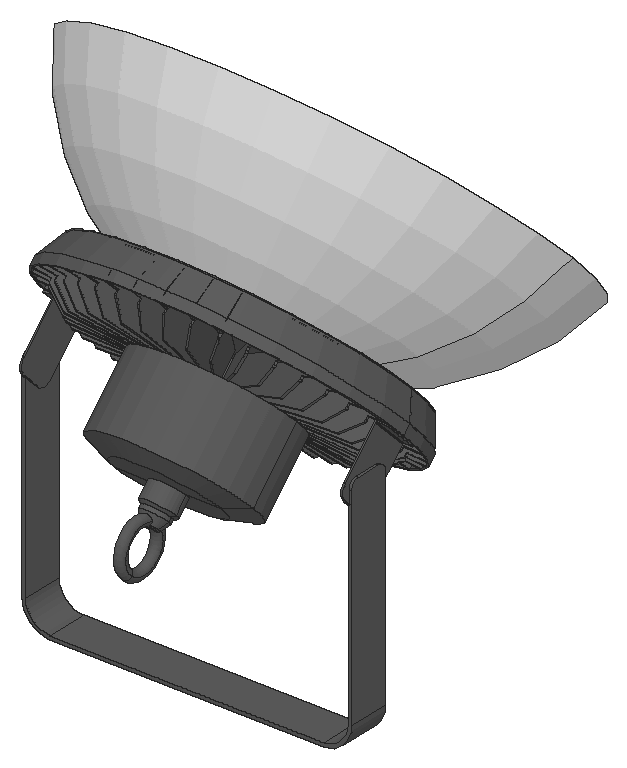
Revit family "0039351+0039354+0039356 Feilo Sylvania Lighting Fixture START HIGHBAY 6K 19KLM WIDE with BRACKET and ALU SHADE ALU COLOR", category Lighting Fixtures, host Face, Revit 2017 (continued)
Definition of nested family "Start LED Highbay Head"
  Dimensions and locks
    "RHHeight4_FEILO": plane 33 to plane 34
    "RHRadius3_FEILO": plane 3 "Center (Left/Right)" to plane 35
    "RHHeight1_FEILO": plane 28 to plane 30
    "EyeInner_FEILO": plane 34 to plane 36
    "EyeInner_FEILO": plane 36 to plane 37
    equal spacing: plane 38, plane 3 "Center (Left/Right)", plane 39
    "EyeThickness_FEILO": plane 38 to plane 39
    "EyeThickness_FEILO": plane 37 to plane 40
    equal spacing: plane 37, plane 41, plane 40
    equal spacing: plane 6, plane 42, plane 18
    "ThicknessBracket_FEILO": plane 45 to plane 6
    "ThicknessBracket_FEILO": plane 8 to plane 44
    locked: plane 43 to plane 18 at 1
    equal spacing: plane 24, plane 46, plane 26
    equal spacing: plane 47, plane 1 "Center (Front/Back)", plane 48
    "WidthBracket_FEILO": plane 47 to plane 48
    "WidthRingChamfer_FEILO": plane 50 to plane 49
    "ThicknessWall_FEILO": plane 51 to plane 49
    equal spacing: plane 50, plane 52, plane 51
    "ThicknessBracket_FEILO": plane 54 to plane 50
    locked: plane 53 to plane 51 at 1
    "Radius_FEILO": plane 49 to plane 3 "Center (Left/Right)"
    "ShadeRadiusOut_FEILO": plane 3 "Center (Left/Right)" to plane 55
    "ShadeHeight_FEILO": plane 56 to plane 4
    "ShadeRadiusIn_FEILO": plane 3 "Center (Left/Right)" to plane 57
    locked: plane 58 to plane 57 at 8
    "ShadeThickness_FEILO": plane 60 to plane 4
    "ShadeThickness_FEILO": plane 59 to plane 55
    "EyeThicknessHalf_FEILO": radius of curve 8
    "ThicknessBracket_FEILO": radius of Extrusion 7 sketch curve  (x2)
    "ThicknessBracketHalf_FEILO": radius of Extrusion 7 sketch curve  (x2)
    "ShadeRadiusBend_FEILO": radius of curve 9
    aligned and locked: plane 2 to Extrusion 1
    aligned and locked: level to Extrusion 1
    aligned and locked: plane 5 to curve 1
    aligned and locked: plane 6 to curve 1
    aligned and locked: plane 7 to curve 1
    aligned and locked: plane 10 to curve 2
    aligned and locked: plane 9 to curve 3
    aligned and locked: plane 4 to curve 3
    aligned and locked: plane 11 to curve 3
    aligned and locked: plane 4 to curve 4
    aligned and locked: plane 18 to curve 5
    aligned and locked: plane 10 to curve 5
    aligned and locked: Revolve 2 sketch curve to plane 3 "Center (Left/Right)"
    aligned and locked: Revolve 2 sketch curve to curve 3
    aligned and locked: Revolve 2 sketch curve to curve 1
    aligned and locked: plane 4 to Revolve 2 sketch curve
    aligned and locked: plane 9 to Revolve 2 sketch curve
    aligned and locked: Revolve 2 sketch curve to plane 13
    aligned and locked: Revolve 2 sketch curve to plane 10
    aligned and locked: plane 13 to Revolve 2 sketch curve
    aligned and locked: plane 10 to Revolve 2 sketch curve
    aligned and locked: Revolve 2 sketch curve to plane 18
    aligned and locked: Revolve 2 sketch curve to plane 8
    aligned and locked: plane 5 to Revolve 2 sketch curve  (x2)
    aligned and locked: Revolve 3 sketch curve to plane 3 "Center (Left/Right)"
    aligned and locked: plane 11 to Revolve 3 sketch curve
    aligned and locked: Revolve 3 sketch curve to curve 2
    aligned and locked: plane 15 to Revolve 3 sketch curve
    aligned and locked: Revolve 3 sketch curve to plane 16
    aligned and locked: plane 17 to Revolve 3 sketch curve  (x2)
    aligned and locked: Revolve 3 sketch curve to plane 12
    aligned and locked: plane 7 to Revolve 3 sketch curve
    aligned and locked: Revolve 4 sketch curve to plane 3 "Center (Left/Right)"
    aligned and locked: Revolve 4 sketch curve to plane 14
    aligned and locked: plane 3 "Center (Left/Right)" to Revolve 4 sketch curve
    aligned and locked: Revolve 4 sketch curve to plane 12
    aligned and locked: plane 15 to Revolve 4 sketch curve
    aligned and locked: Revolve 2 sketch curve to curve 5
    aligned and locked: plane 22 to curve 6
    aligned and locked: plane 21 to curve 6
    aligned and locked: plane 20 to curve 6
    aligned and locked: plane 19 to curve 6
    aligned and locked: plane 33 to curve 7
    aligned and locked: plane 32 to curve 7
    aligned and locked: plane 35 to curve 7
    aligned and locked: plane 34 to curve 7
    aligned and locked: Revolve 5 sketch curve to plane 3 "Center (Left/Right)"
    aligned and locked: Revolve 5 sketch curve to plane 25
    aligned and locked: plane 27 to Revolve 5 sketch curve
    aligned and locked: plane 28 to Revolve 5 sketch curve
    aligned and locked: plane 30 to Revolve 5 sketch curve
    aligned and locked: Revolve 5 sketch curve to plane 29
    aligned and locked: plane 31 to Revolve 5 sketch curve
    aligned and locked: Revolve 5 sketch curve to curve 7
    aligned and locked: Revolve 5 sketch curve to plane 32
    aligned and locked: plane 34 to Revolve 5 sketch curve
    aligned and locked: plane 3 "Center (Left/Right)" to Revolve 5 sketch curve
    aligned and locked: plane 3 "Center (Left/Right)" to curve 8
    aligned and locked: plane 41 to curve 8
    aligned and locked: Revolve 6 sketch curve to plane 36
    aligned and locked: Revolve 6 sketch curve to curve 8
    aligned and locked: plane 43 to Extrusion 7 sketch curve  (x2)
    aligned and locked: plane 8 to Extrusion 7 sketch curve  (x3)
    aligned and locked: Extrusion 7 sketch curve to plane 45
    aligned and locked: Extrusion 7 sketch curve to plane 46  (x2)
    aligned and locked: plane 6 to Extrusion 7 sketch curve
    aligned and locked: Extrusion 7 sketch curve to plane 44  (x2)
    aligned and locked: Extrusion 7 to plane 48
    aligned and locked: plane 47 to Extrusion 7
    aligned and locked: plane 53 to Extrusion 7 sketch curve
    aligned and locked: plane 50 to Extrusion 7 sketch curve
    aligned and locked: Extrusion 7 sketch curve to plane 54
    aligned and locked: Extrusion 8 sketch curve to Extrusion 8 sketch curve
    aligned and locked: Extrusion 8 to plane 6
    aligned and locked: Extrusion 8 to Extrusion 7
    aligned and locked: Revolve 5 sketch curve to plane 22
    aligned and locked: plane 23 to nested 1
    aligned and locked: plane 1 "Center (Front/Back)" to nested 1
    aligned and locked: Revolve 9 sketch curve to plane 3 "Center (Left/Right)"
    aligned and locked: Revolve 9 sketch curve to plane 4
    aligned and locked: plane 6 to Revolve 9 sketch curve
    aligned and locked: plane 4 to Revolve 9 sketch curve
    aligned and locked: plane 7 to Revolve 9 sketch curve
    aligned and locked: Revolve 9 sketch curve to plane 5
    aligned and locked: plane 8 to Revolve 9 sketch curve  (x2)
    aligned and locked: Revolve 9 sketch curve to plane 19
    aligned and locked: plane 20 to Revolve 9 sketch curve
    aligned and locked: plane 19 to Revolve 9 sketch curve
    aligned and locked: plane 21 to Revolve 9 sketch curve
    aligned and locked: plane 22 to Revolve 9 sketch curve  (x2)
    aligned and locked: Revolve 9 sketch curve to Revolve 9 sketch curve
    aligned and locked: imposter light to plane 4
    aligned and locked: plane 3 "Center (Left/Right)" to imposter light
    aligned and locked: imposter light to plane 1 "Center (Front/Back)"
    aligned and locked: plane 55 to curve 9
    aligned and locked: plane 56 to curve 9
    aligned and locked: plane 57 to curve 9
    aligned and locked: plane 4 to curve 9
    aligned and locked: Revolve 10 sketch curve to curve 9
    aligned and locked: plane 58 to Revolve 10 sketch curve
    aligned and locked: plane 57 to Revolve 10 sketch curve
    aligned and locked: plane 56 to Revolve 10 sketch curve  (x2)
    aligned and locked: Revolve 10 sketch curve to plane 58
    aligned and locked: plane 60 to Revolve 10 sketch curve
  Automatic sketch dimensions
    Extrusion 1 sketch curve to Extrusion 1 sketch curve = 2438.4 mm  (x2)
    Revolve 2 sketch curve to plane 6 = 0.299 mm
    plane 6 to Revolve 2 sketch curve = 0.459 mm
    Revolve 2 sketch curve to level = 609.6 mm
    Revolve 2 sketch curve to Revolve 2 sketch curve = 2312.223 mm
    Revolve 3 sketch curve to plane 12 = 0 mm
    Revolve 3 sketch curve to plane 3 "Center (Left/Right)" = 0 mm
    Revolve 3 sketch curve to level = 609.6 mm
    Revolve 3 sketch curve to plane 4 = 2339.058 mm
    Revolve 4 sketch curve to level = 609.6 mm
    Revolve 4 sketch curve to plane 4 = 2339.058 mm
    Revolve 6 sketch curve to plane 5 = 1080 mm
    plane 38 to Revolve 6 sketch curve = 1219.2 mm
    Extrusion 8 sketch curve to plane 47 = 0 mm
    plane 46 to Extrusion 8 sketch curve = 0 mm  (x2)
    Extrusion 8 sketch curve to plane 48 = 0 mm
    plane 47 to Extrusion 8 sketch curve = 5 mm
    plane 1 "Center (Front/Back)" to Extrusion 8 sketch curve = 10 mm
    Extrusion 8 sketch curve to Extrusion 8 sketch curve = 10 mm
    plane 46 to Extrusion 8 sketch curve = 5 mm
    Extrusion 8 sketch curve to Extrusion 8 sketch curve = 5 mm
    Extrusion 8 sketch curve to plane 48 = 5 mm
    Revolve 5 sketch curve to plane 26 = 0 mm
    Revolve 5 sketch curve to plane 35 = 0.437 mm
    plane 35 to Revolve 5 sketch curve = 0.847 mm
    Revolve 5 sketch curve to plane 34 = 0.726 mm
    plane 40 to Revolve 5 sketch curve = 590.2 mm
    Revolve 5 sketch curve to plane 4 = 2339.058 mm
    Revolve 9 sketch curve to level = 609.6 mm
    Revolve 9 sketch curve to Revolve 9 sketch curve = 2386.058 mm
    curve 2 to plane 3 "Center (Left/Right)" = 0 mm
    Revolve 10 sketch curve to Revolve 10 sketch curve = 0 mm  (x2)
    Revolve 10 sketch curve to plane 3 "Center (Left/Right)" = 0 mm
    plane 57 to Revolve 10 sketch curve = 0.659 mm
    Revolve 10 sketch curve to level = 609.6 mm
    Revolve 10 sketch curve to Revolve 10 sketch curve = 2068.248 mm
  Nested families
    nested 1: "Start Highbay Rib" at (0, 0, 67.775), type "Type Name", detail levels medium+fine
      with SuspensionHeight_FEILO 2.6 mm
    nested 2: "Start Highbay Rib" at (0, 0, 67.775) x (0.9877, 0.1564, 0) z (0, 0, 1), type "Type Name", detail levels medium+fine
      with SuspensionHeight_FEILO 2.6 mm
    nested 3: "Start Highbay Rib" at (0, 0, 67.775) x (0.9511, 0.309, 0) z (0, 0, 1), type "Type Name", detail levels medium+fine
      with SuspensionHeight_FEILO 2.6 mm
    nested 4: "Start Highbay Rib" at (0, 0, 67.775) x (0.891, 0.454, 0) z (0, 0, 1), type "Type Name", detail levels medium+fine
      with SuspensionHeight_FEILO 2.6 mm
    nested 5: "Start Highbay Rib" at (0, 0, 67.775) x (0.809, 0.5878, 0) z (0, 0, 1), type "Type Name", detail levels medium+fine
      with SuspensionHeight_FEILO 2.6 mm
    nested 6: "Start Highbay Rib" at (0, 0, 67.775) x (0.7071, 0.7071, 0) z (0, 0, 1), type "Type Name", detail levels medium+fine
      with SuspensionHeight_FEILO 2.6 mm
    nested 7: "Start Highbay Rib" at (0, 0, 67.775) x (0.5878, 0.809, 0) z (0, 0, 1), type "Type Name", detail levels medium+fine
      with SuspensionHeight_FEILO 2.6 mm
    nested 8: "Start Highbay Rib" at (0, 0, 67.775) x (0.454, 0.891, 0) z (0, 0, 1), type "Type Name", detail levels medium+fine
      with SuspensionHeight_FEILO 2.6 mm
    nested 9: "Start Highbay Rib" at (0, 0, 67.775) x (0.309, 0.9511, 0) z (0, 0, 1), type "Type Name", detail levels medium+fine
      with SuspensionHeight_FEILO 2.6 mm
    nested 10: "Start Highbay Rib" at (0, 0, 67.775) x (0.1564, 0.9877, 0) z (0, 0, 1), type "Type Name", detail levels medium+fine
      with SuspensionHeight_FEILO 2.6 mm
    nested 11: "Start Highbay Rib" at (0, 0, 67.775) x (0, 1, 0) z (0, 0, 1), type "Type Name", detail levels medium+fine
      with SuspensionHeight_FEILO 2.6 mm
    nested 12: "Start Highbay Rib" at (0, 0, 67.775) x (-0.1564, 0.9877, 0) z (0, 0, 1), type "Type Name", detail levels medium+fine
      with SuspensionHeight_FEILO 2.6 mm
    nested 13: "Start Highbay Rib" at (0, 0, 67.775) x (-0.309, 0.9511, 0) z (0, 0, 1), type "Type Name", detail levels medium+fine
      with SuspensionHeight_FEILO 2.6 mm
    nested 14: "Start Highbay Rib" at (0, 0, 67.775) x (-0.454, 0.891, 0) z (0, 0, 1), type "Type Name", detail levels medium+fine
      with SuspensionHeight_FEILO 2.6 mm
    nested 15: "Start Highbay Rib" at (0, 0, 67.775) x (-0.5878, 0.809, 0) z (0, 0, 1), type "Type Name", detail levels medium+fine
      with SuspensionHeight_FEILO 2.6 mm
    nested 16: "Start Highbay Rib" at (0, 0, 67.775) x (-0.7071, 0.7071, 0) z (0, 0, 1), type "Type Name", detail levels medium+fine
      with SuspensionHeight_FEILO 2.6 mm
    nested 17: "Start Highbay Rib" at (0, 0, 67.775) x (-0.809, 0.5878, 0) z (0, 0, 1), type "Type Name", detail levels medium+fine
      with SuspensionHeight_FEILO 2.6 mm
    nested 18: "Start Highbay Rib" at (0, 0, 67.775) x (-0.891, 0.454, 0) z (0, 0, 1), type "Type Name", detail levels medium+fine
      with SuspensionHeight_FEILO 2.6 mm
    nested 19: "Start Highbay Rib" at (0, 0, 67.775) x (-0.9511, 0.309, 0) z (0, 0, 1), type "Type Name", detail levels medium+fine
      with SuspensionHeight_FEILO 2.6 mm
    nested 20: "Start Highbay Rib" at (0, 0, 67.775) x (-0.9877, 0.1564, 0) z (0, 0, 1), type "Type Name", detail levels medium+fine
      with SuspensionHeight_FEILO 2.6 mm
    nested 21: "Start Highbay Rib" at (0, 0, 67.775) x (-1, 0, 0) z (0, 0, 1), type "Type Name", detail levels medium+fine
      with SuspensionHeight_FEILO 2.6 mm
    nested 22: "Start Highbay Rib" at (0, 0, 67.775) x (-0.9877, -0.1564, 0) z (0, 0, 1), type "Type Name", detail levels medium+fine
      with SuspensionHeight_FEILO 2.6 mm
    nested 23: "Start Highbay Rib" at (0, 0, 67.775) x (-0.9511, -0.309, 0) z (0, 0, 1), type "Type Name", detail levels medium+fine
      with SuspensionHeight_FEILO 2.6 mm
    nested 24: "Start Highbay Rib" at (0, 0, 67.775) x (-0.891, -0.454, 0) z (0, 0, 1), type "Type Name", detail levels medium+fine
      with SuspensionHeight_FEILO 2.6 mm
    nested 25: "Start Highbay Rib" at (0, 0, 67.775) x (-0.809, -0.5878, 0) z (0, 0, 1), type "Type Name", detail levels medium+fine
      with SuspensionHeight_FEILO 2.6 mm
    nested 26: "Start Highbay Rib" at (0, 0, 67.775) x (-0.7071, -0.7071, 0) z (0, 0, 1), type "Type Name", detail levels medium+fine
      with SuspensionHeight_FEILO 2.6 mm
    nested 27: "Start Highbay Rib" at (0, 0, 67.775) x (-0.5878, -0.809, 0) z (0, 0, 1), type "Type Name", detail levels medium+fine
      with SuspensionHeight_FEILO 2.6 mm
    nested 28: "Start Highbay Rib" at (0, 0, 67.775) x (-0.454, -0.891, 0) z (0, 0, 1), type "Type Name", detail levels medium+fine
      with SuspensionHeight_FEILO 2.6 mm
    nested 29: "Start Highbay Rib" at (0, 0, 67.775) x (-0.309, -0.9511, 0) z (0, 0, 1), type "Type Name", detail levels medium+fine
      with SuspensionHeight_FEILO 2.6 mm
    nested 30: "Start Highbay Rib" at (0, 0, 67.775) x (-0.1564, -0.9877, 0) z (0, 0, 1), type "Type Name", detail levels medium+fine
      with SuspensionHeight_FEILO 2.6 mm
    nested 31: "Start Highbay Rib" at (0, 0, 67.775) x (0, -1, 0) z (0, 0, 1), type "Type Name", detail levels medium+fine
      with SuspensionHeight_FEILO 2.6 mm
    nested 32: "Start Highbay Rib" at (0, 0, 67.775) x (0.1564, -0.9877, 0) z (0, 0, 1), type "Type Name", detail levels medium+fine
      with SuspensionHeight_FEILO 2.6 mm
    nested 33: "Start Highbay Rib" at (0, 0, 67.775) x (0.309, -0.9511, 0) z (0, 0, 1), type "Type Name", detail levels medium+fine
      with SuspensionHeight_FEILO 2.6 mm
    nested 34: "Start Highbay Rib" at (0, 0, 67.775) x (0.454, -0.891, 0) z (0, 0, 1), type "Type Name", detail levels medium+fine
      with SuspensionHeight_FEILO 2.6 mm
    nested 35: "Start Highbay Rib" at (0, 0, 67.775) x (0.5878, -0.809, 0) z (0, 0, 1), type "Type Name", detail levels medium+fine
      with SuspensionHeight_FEILO 2.6 mm
    nested 36: "Start Highbay Rib" at (0, 0, 67.775) x (0.7071, -0.7071, 0) z (0, 0, 1), type "Type Name", detail levels medium+fine
      with SuspensionHeight_FEILO 2.6 mm
    nested 37: "Start Highbay Rib" at (0, 0, 67.775) x (0.809, -0.5878, 0) z (0, 0, 1), type "Type Name", detail levels medium+fine
      with SuspensionHeight_FEILO 2.6 mm
    nested 38: "Start Highbay Rib" at (0, 0, 67.775) x (0.891, -0.454, 0) z (0, 0, 1), type "Type Name", detail levels medium+fine
      with SuspensionHeight_FEILO 2.6 mm
    nested 39: "Start Highbay Rib" at (0, 0, 67.775) x (0.9511, -0.309, 0) z (0, 0, 1), type "Type Name", detail levels medium+fine
      with SuspensionHeight_FEILO 2.6 mm
    nested 40: "Start Highbay Rib" at (0, 0, 67.775) x (0.9877, -0.1564, 0) z (0, 0, 1), type "Type Name", detail levels medium+fine
      with SuspensionHeight_FEILO 2.6 mm
  Definition of nested family "Start Highbay Rib"
    Parameters (values of type "Type Name")
      WidthStraight_FEILO = if(SizeS_FEILO, 3 mm, if(SizeM_FEILO, 4 mm, 4.7 mm))  # 3 mm
      WidthRingChamfer_FEILO = if(SizeS_FEILO, 10.3 mm, if(SizeM_FEILO, 11.2 mm, 12.9 mm))  # 10.3 mm
      WidthCurved_FEILO = if(SizeS_FEILO, 17.4 mm, if(SizeM_FEILO, 16.4 mm, 26.2 mm))  # 17.4 mm
      WidthCurvedRing_FEILO = if(SizeS_FEILO, 3 mm, if(SizeM_FEILO, 4 mm, 4.7 mm))  # 3 mm
      WidthBracket_FEILO = 40 mm
      URL = "http://www.feilosylvania.com"
      Type Image = (empty or 0)
      Type Comments = "n/a"
      ThicknessWall_FEILO = 1.5 mm
      ThicknessBracket_FEILO = 1.5 mm
      ThicknessBracketHalf_FEILO = ThicknessBracket_FEILO / 2  # 0.75 mm
      SuspensionHeight_FEILO [instance] = 2.6 mm
      SizeS_FEILO = yes
      SizeM_FEILO = no
      Rib4_FEILO = if(SizeS_FEILO, 18.1 mm, if(SizeM_FEILO, 13.6 mm, 14.6 mm))  # 18.1 mm
      Rib3_FEILO = if(SizeS_FEILO, 15.3 mm, if(SizeM_FEILO, 17.6 mm, 20.2 mm))  # 15.3 mm
      Rib2_FEILO = if(SizeS_FEILO, 3.6 mm, if(SizeM_FEILO, 3.9 mm, 4.5 mm))  # 3.6 mm
      Rib1_FEILO = if(SizeS_FEILO, 15.1 mm, if(SizeM_FEILO, 16.5 mm, 19 mm))  # 15.1 mm
      RadiusRib_FEILO = 2 mm
      RadiusDiffuser_FEILO = if(SizeS_FEILO, 95.2 mm, if(SizeM_FEILO, 105.3 mm, 120 mm))  # 95.2 mm
      RHRadius3_FEILO = if(SizeS_FEILO, 6.6 mm, if(SizeM_FEILO, 7.4 mm, 8.6 mm))  # 6.6 mm
      RHRadius2_FEILO = if(SizeS_FEILO, 11 mm, if(SizeM_FEILO, 12 mm, 14 mm))  # 11 mm
      RHRadius1_FEILO = if(SizeS_FEILO, 13.6 mm, if(SizeM_FEILO, 14.9 mm, 17.7 mm))  # 13.6 mm
      RHHeight4_FEILO = if(SizeS_FEILO, 7.3 mm, if(SizeM_FEILO, 8 mm, 9.2 mm))  # 7.3 mm
      RHHeight3_FEILO = if(SizeS_FEILO, 3.6 mm, if(SizeM_FEILO, 3.7 mm, 4.6 mm))  # 3.6 mm
      RHHeight2_FEILO = if(SizeS_FEILO, 2 mm, if(SizeM_FEILO, 2.2 mm, 2.6 mm))  # 2 mm
      RHHeight1_FEILO = if(SizeS_FEILO, 11.8 mm, if(SizeM_FEILO, 15.3 mm, 17.4 mm))  # 11.8 mm
      Material_3_FEILO = none
      Model = ""
      Manufacturer = "Feilo Sylvania"
      Keynote = "16500"
      HeightRing_FEILO = if(SizeS_FEILO, 19.8 mm, if(SizeM_FEILO, 32 mm, 36.8 mm))  # 19.8 mm
      HeightRingChamfer_FEILO = if(SizeS_FEILO, 11.7 mm, if(SizeM_FEILO, 23.2 mm, 26.6 mm))  # 11.7 mm
      EyeThickness_FEILO = if(SizeS_FEILO, 8.4 mm, if(SizeM_FEILO, 9.2 mm, 10.5 mm))  # 8.4 mm
      EyeThicknessHalf_FEILO = EyeThickness_FEILO / 2  # 4.2 mm
      EyeInner_FEILO = if(SizeS_FEILO, 13.8 mm, if(SizeM_FEILO, 15.1 mm, 17.3 mm))  # 13.8 mm
      DriverVerticalStraight_FEILO = if(SizeS_FEILO, 46.5 mm, if(SizeM_FEILO, 49.7 mm, 57 mm))  # 46.5 mm
      DriverVerticalChamfer_FEILO = if(SizeS_FEILO, 7.5 mm, if(SizeM_FEILO, 8.2 mm, 9.5 mm))  # 7.5 mm
      DriverRadius_FEILO = if(SizeS_FEILO, 61.4 mm, if(SizeM_FEILO, 67.2 mm, 76.4 mm))  # 61.4 mm
      DriverRadiusTop_FEILO = if(SizeS_FEILO, 42 mm, if(SizeM_FEILO, 45.3 mm, 52.4 mm))  # 42 mm
      DriverBottom_FEILO = if(SizeS_FEILO, 56 mm, if(SizeM_FEILO, 64.5 mm, 74 mm))  # 56 mm
      Material_2_FEILO = none
      Radius_FEILO = if(SizeS_FEILO, 135 mm, if(SizeM_FEILO, 148 mm, 169.5 mm))  # 135 mm
      Description = ""
      Default Elevation = 1219.2 mm
      Cost = 0
      Material_1_FEILO = none
      Assembly Code = "D5020200"
      Material_4_FEILO = none
    Reference planes
      plane 1 "Center (Front/Back)": y = 0
      plane 2: z = 0
      plane 3 "Center (Left/Right)": x = 0
      plane 4: z = 2.6
      plane 5: x = -135
      plane 6: x = -124.7
      plane 7: z = -9.1
      plane 8: z = -17.2
      plane 9: x = -121.7
      plane 10: z = -0.025
      plane 11: x = -104.3
      plane 12: x = -95.2
      plane 13: x = -118.7
      plane 14: z = 0.975
      plane 15: z = -1.025
      plane 16: x = -92.2
      plane 17: z = -2.025
      plane 18: x = -133.5
      plane 19: x = -119.9
      plane 20: z = -20.8
      plane 21: x = -104.6
      plane 22: z = -38.9
      plane 23: x = -20
      plane 24: z = -53.4
      plane 25: x = -61.4
      plane 26: z = -99.9
      plane 27: x = -42
      plane 28: z = -107.4
      plane 29: x = -13.6
      plane 30: z = -119.2
      plane 31: z = -121.2
      plane 32: x = -11
      plane 33: z = -124.8
      plane 34: z = -132.1
      plane 35: x = -6.6
      plane 36: z = -145.9
      plane 37: z = -159.7
      plane 38: x = 4.2
      plane 39: x = -4.2
      plane 40: z = -168.1
      plane 41: z = -163.9
      plane 42: x = -129.1
      plane 43: x = -132.5
      plane 44: z = -18.7
      plane 45: x = -123.2
      plane 46: z = -76.65
      plane 47: y = -20
      plane 48: y = 20
      plane 49: x = 135
      plane 50: x = 124.7
      plane 51: x = 133.5
      plane 52: x = 129.1
      plane 53: x = 132.5
      plane 54: x = 123.2
      plane 55: y = 0.75
      plane 56: y = -0.75
    Forms (mm)
      Extrusion 1, solid
        sketch origin (4.2, 0, 0) x (1, 0, 0) y (0, 1, 0)
          loop
            line (-1219.2, 1219.2) -> (-1219.2, -1219.2) -> (1219.2, -1219.2) -> (1219.2, 1219.2) -> (-1219.2, 1219.2)
        from 0 to -68.017
      Extrusion 2, solid, material <- "Material_1_FEILO"
        sketch origin (0, 0, 0) x (1, 0, 0) y (0, 0, 1)
          loop
            arc (-104.3, -0.025) -> (-111.555, 0.423) -> (-118.7, 1.76) r 58.981
            line (-118.7, 1.76) -> (-118.7, -0.025) -> (-125.012, -0.025) -> (-133.5, -9.666) -> (-133.5, -17.2) -> (-119.9, -17.2) -> (-119.9, -20.068)
            arc (-119.9, -20.068) -> (-119.778, -20.755) -> (-119.427, -21.359) r 2
            line (-119.427, -21.359) -> (-104.966, -38.467)
            arc (-104.966, -38.467) -> (-104.381, -38.789) -> (-103.723, -38.9) r 2
            line (-103.723, -38.9) -> (-20, -38.9) -> (-20, -9.1) -> (-95.2, -9.1) -> (-95.2, -2.025) -> (-104.3, -2.025) -> (-104.3, -0.025)
        from -0.75 to 0.75
    Lines and regions (mm)
      reference lines
        curve 1: line (-135, 0, -9.1) -> (-124.7, 0, 2.6)
        curve 2: line (-104.3, 0, -0.025) -> (0, 0, -0.025)
        curve 3: arc (-104.3, 0, -0.025) -> (-113.098, 0, 0.635) -> (-121.7, 0, 2.6) r 58.981
        curve 4: line (-124.7, 0, 2.6) -> (-121.7, 0, 2.6)
        curve 5: line (-125.012, 0, -0.025) -> (-133.5, 0, -9.666)
        curve 6: line (-119.9, 0, -20.8) -> (-104.6, 0, -38.9)
    Dimensions and locks
      "Radius_FEILO": plane 3 "Center (Left/Right)" to plane 5
      "WidthRingChamfer_FEILO": plane 6 to plane 5
      "WidthStraight_FEILO": plane 9 to plane 6
      "WidthCurvedRing_FEILO": plane 13 to plane 9
      locked: plane 10 to plane 15 at 1
      locked: plane 14 to plane 10 at 1
      locked: plane 4 to plane 10 at 2.625
      locked: plane 15 to plane 17 at 1
      "ThicknessWall_FEILO": plane 18 to plane 5
      "ThicknessWall_FEILO": curve 5 to curve 1
      "HeightRingChamfer_FEILO": plane 4 to plane 7
      "HeightRing_FEILO": plane 4 to plane 8
      "RadiusDiffuser_FEILO": plane 3 "Center (Left/Right)" to plane 12
      locked: plane 16 to plane 12 at 3
      "WidthCurved_FEILO": plane 11 to plane 9
      "SuspensionHeight_FEILO": plane 4 to plane 2
      "Rib1_FEILO": plane 19 to plane 5
      "Rib2_FEILO": plane 8 to plane 20
      "Rib3_FEILO": plane 21 to plane 19
      "Rib4_FEILO": plane 20 to plane 22
      locked: plane 3 "Center (Left/Right)" to plane 23 at 20
      "DriverBottom_FEILO": plane 4 to plane 24
      "DriverRadius_FEILO": plane 3 "Center (Left/Right)" to plane 25
      "DriverVerticalStraight_FEILO": plane 24 to plane 26
      "DriverRadiusTop_FEILO": plane 3 "Center (Left/Right)" to plane 27
      "DriverVerticalChamfer_FEILO": plane 26 to plane 28
      "RHRadius1_FEILO": plane 3 "Center (Left/Right)" to plane 29
      "RHHeight2_FEILO": plane 30 to plane 31
      "RHRadius2_FEILO": plane 3 "Center (Left/Right)" to plane 32
      "RHHeight3_FEILO": plane 31 to plane 33
      "RHHeight4_FEILO": plane 33 to plane 34
      "RHRadius3_FEILO": plane 3 "Center (Left/Right)" to plane 35
      "RHHeight1_FEILO": plane 28 to plane 30
      "EyeInner_FEILO": plane 34 to plane 36
      "EyeInner_FEILO": plane 36 to plane 37
      equal spacing: plane 38, plane 3 "Center (Left/Right)", plane 39
      "EyeThickness_FEILO": plane 38 to plane 39
      "EyeThickness_FEILO": plane 37 to plane 40
      equal spacing: plane 37, plane 41, plane 40
      equal spacing: plane 6, plane 42, plane 18
      "ThicknessBracket_FEILO": plane 45 to plane 6
      "ThicknessBracket_FEILO": plane 8 to plane 44
      locked: plane 43 to plane 18 at 1
      equal spacing: plane 24, plane 46, plane 26
      equal spacing: plane 47, plane 1 "Center (Front/Back)", plane 48
      "WidthBracket_FEILO": plane 47 to plane 48
      "WidthRingChamfer_FEILO": plane 50 to plane 49
      "ThicknessWall_FEILO": plane 51 to plane 49
      equal spacing: plane 50, plane 52, plane 51
      "ThicknessBracket_FEILO": plane 54 to plane 50
      locked: plane 53 to plane 51 at 1
      "Radius_FEILO": plane 49 to plane 3 "Center (Left/Right)"
      equal spacing: plane 56, plane 1 "Center (Front/Back)", plane 55
      "ThicknessWall_FEILO": plane 56 to plane 55
      "RadiusRib_FEILO": radius of Extrusion 2 sketch curve  (x2)
      aligned and locked: plane 2 to Extrusion 1
      aligned and locked: level to Extrusion 1
      aligned and locked: plane 5 to curve 1
      aligned and locked: plane 6 to curve 1
      aligned and locked: plane 7 to curve 1
      aligned and locked: plane 10 to curve 2
      aligned and locked: plane 9 to curve 3
      aligned and locked: plane 4 to curve 3
      aligned and locked: plane 11 to curve 3
      aligned and locked: plane 4 to curve 4
      aligned and locked: plane 18 to curve 5
      aligned and locked: plane 10 to curve 5
      aligned and locked: plane 22 to curve 6
      aligned and locked: plane 21 to curve 6
      aligned and locked: plane 20 to curve 6
      aligned and locked: plane 19 to curve 6
      aligned and locked: Extrusion 2 sketch curve to plane 23
      aligned and locked: Extrusion 2 sketch curve to plane 22
      aligned and locked: Extrusion 2 sketch curve to curve 6
      aligned and locked: plane 19 to Extrusion 2 sketch curve
      aligned and locked: Extrusion 2 sketch curve to plane 8
      aligned and locked: Extrusion 2 sketch curve to curve 5
      aligned and locked: Extrusion 2 sketch curve to curve 3
      aligned and locked: Extrusion 2 to plane 55
      aligned and locked: plane 56 to Extrusion 2
      aligned and locked: curve 6 to Extrusion 2 sketch curve
    Automatic sketch dimensions
      Extrusion 1 sketch curve to Extrusion 1 sketch curve = 2438.4 mm  (x2)
      curve 2 to plane 3 "Center (Left/Right)" = 0 mm
      Extrusion 2 sketch curve to plane 18 = 0 mm
      Extrusion 2 sketch curve to plane 10 = 0 mm
      Extrusion 2 sketch curve to plane 13 = 0 mm
      Extrusion 2 sketch curve to plane 7 = 0 mm
      Extrusion 2 sketch curve to plane 12 = 0 mm
      Extrusion 2 sketch curve to plane 17 = 0 mm
      plane 19 to Extrusion 2 sketch curve = 0.473 mm
      Extrusion 2 sketch curve to plane 21 = 0.366 mm
